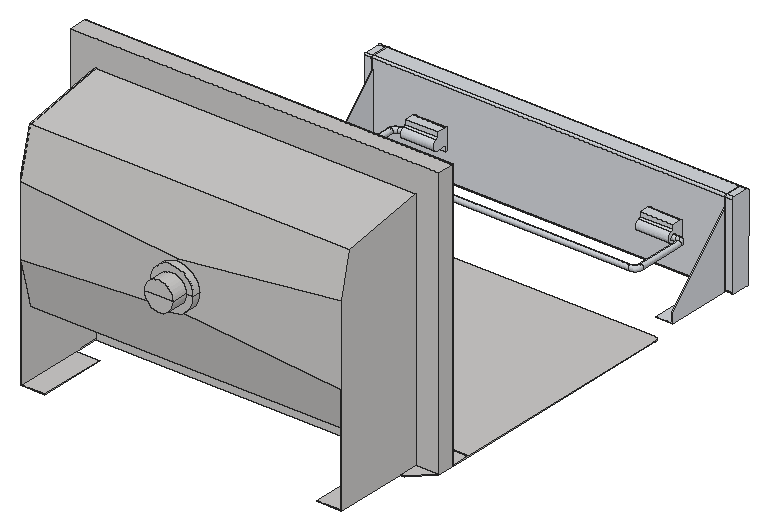
Revit family "PRD_AR_WshTrghs_PlanoxWashTrough_PL6,8,12,16,18,24,30-T-TCS", category Plumbing Fixtures, host Face, Revit 2018
Family settings
  Host = Face
  Round Connector Dimension = Use Diameter
  Part Type = Normal
  OmniClass Number = 23.45.05.14.14
  OmniClass Title = Sinks/Lavatories
  Cut with Voids When Loaded = No
  Shared = No
  Room Calculation Point = No
Parameters (values of type "PL6TCS")
  WaterSupplyOverflowAndWasteHolesWaterSupply = "No tapholes"
  WaterSupplyOverflowAndWasteHolesWaste = "Center-Center"
  WaterSupplyOverflowAndWasteHolesOverflow = "None"
  WasteValveMaterial = PRD_AR_ChromiumSteel_HighPolished
  WasteSize = 40 mm
  WashbasinMaterial = PRD_AR_ChromiumSteel_HighPolished
  WashHandBasinType = "WashingTrough"
  WashHandBasinMounting = "WallHung"
  WarrantyStartDate [instance] = "1900-12-31T23:59:59"
  WarrantyGuarantorParts = "n/a"
  WarrantyGuarantorLabor = "n/a"
  WarrantyDurationUnit = "year"
  WarrantyDurationParts = "n/a"
  WarrantyDurationLabor = "n/a"
  WarrantyDescription = "n/a"
  Version = "1"
  Uniclass2015Version = "Products v1.10"
  Uniclass2015Title = "Wash troughs"
  Uniclass2015Code = "Pr_40_20_96_99"
  URL = "www.kwc.com"
  TypeSplashback = PLSB,PLSBCS : PL6SBCS
  Type = PLT,PLCS : PLT,PLCS
  TowelRailTB60 [instance] = yes
  TagNumber [instance] = "n/a"
  SustainabilityPerformance = "n/a"
  Stations = "3"
  SplashbackPlanox [instance] = yes
  Size = "600 x 442 x 210 mm"
  ShelfOffset [instance] = 600 mm
  ShelfBXSV6 [instance] = yes
  Shape = "Rectangular"
  SerialNumber [instance] = "n/a"
  Revision = "n/a"
  ReplacementCost = "n/a"
  ProductInformation = "https://pim.kwc.com/product/2030043791/attachment/datasheet?locale=en"
  PLSU = no
  OverallLength = 600 mm
  NominalWidth = 600 mm
  NominalLength = 210 mm
  NominalHeight = 210 mm
  NominalDepth = 442 mm
  NetWeight = 5.74 kg
  Name = "PLANOX wash trough PL6TCS"
  NBSTypeID = "n/a"
  NBSReference = "45-35-70/370"
  NBSOfficeMasterTag = "n/a"
  NBSNote = "n/a"
  NBSDescription = "Wash troughs"
  NBSCertification = "n/a"
  ModelReference = "PL6TCS"
  ModelNumber = "2030043791"
  Model = ModelReference  # "PL6TCS"
  MaterialsFinishAndColour = "Chromium steel, high polished"
  MaterialsBody = "Chromium steel 1.4016"
  Material = "Stainless steel"
  ManufacturerURL = "www.kwc.com"
  ManufacturerName = "KWC Group AG"  # constant formula
  Manufacturer = ManufacturerName  # "KWC Group AG"
  IntegralAccessories = "Side panels with integrated brackets, incl. stainless steel screws and dowels"
  InstallationDate [instance] = "1900-12-31T23:59:59"
  IfcExportType = "WASHHANDBASIN"
  IfcExportAs = "IfcSanitaryTerminalType"
  GrossWeight = 7.58 kg
  Grade = "n/a"
  Form = "Wall mounted"
  Finish = "High polished"
  Features = "chromium steel, 0.80 mm, high polished, wall mounting, 600x210x442 mm (WxHxD)"
  ExpectedLife = "n/a"
  DurationUnit = "year"
  DrainSize = "G-1-1-2-B"
  Description = "Washing trough PLANOX seamless welded wash trough for wall mounting, chromium steel, satin finished surface, material thickness of wash trough 0.8 mm / side panels 1.2 mm, side panels with integrated wall brackets, lowered tap ledge 80 mm, without tap holes or overflow, 40 mm rear upstand, drainage central, G 1 1/2 B strainer waste, includes mounting materials. For a length of 1800 mm or more, an additional bracket is supplied. Special lengths are available on request."
  Default Elevation = 850 mm
  CreateOn = "11/2018"  # constant formula
  Constituents = "n/a"
  Color = "Stainless steel"
  CodePerformance = "n/a"
  Category = "Pr_40_20_96_99, Wash troughs"
  BarCode [instance] = "n/a"
  BIMObjectName = "PRD_AR_WashTrough_PlanoxWashTrough_PL6TCS"
  Author = "Archispace"  # constant formula
  AssetType = "Fixed"
  AssetIdentifier [instance] = "n/a"
  AccessibilityPerformance = "n/a"
Reference planes
  plane 1 "Center (Front/Back)": y = 0
  plane 2: z = 0
  plane 3 "Center (Left/Right)": x = 0
Dimensions and locks
  "ShelfOffset": plane 1 "Center (Front/Back)" to nested 2
  locked: nested 3 to nested 2 at 32
  aligned and locked: plane 2 to host face
  aligned and locked: level to host face
  aligned and locked: plane 3 "Center (Left/Right)" to nested 4
Automatic sketch dimensions
  host sketch curve to host sketch curve = 2438.4 mm  (x2)
Nested families
  nested 1: "PLT,PLCS" at (0, 0, 60) x (1, 0, 0) z (0, 1, 0), type <- "Type", OverallLength <- "OverallLength", type "PLT,PLCS"
    with OverallLength 600 mm
  nested 2: "BXSV6" at (0, 600, 0), visible <- "ShelfBXSV6", type "BXSV6, Width=600"
    with WarrantyStartDate "1900-12-31T23:59:59", TagNumber "n/a", SerialNumber "n/a", InstallationDate "1900-12-31T23:59:59", BarCode "n/a", AssetIdentifier "n/a"
  nested 3: "PRD_AR_TowelRails_SaturnTowelRailForWashingTroughs_TB60" at (0, 568, 64.353) x (1, 0, 0) z (0, 1, 0), visible <- "TowelRailTB60", type "TB60 - L=478"
    with WarrantyStartDate "1900-12-31T23:59:59", TagNumber "n/a", SerialNumber "n/a", InstallationDate "1900-12-31T23:59:59", BarCode "n/a", AssetIdentifier "n/a"
  nested 4: "PLSB,PLSBCS" at (0, 30, 0), type <- "TypeSplashback", visible <- "SplashbackPlanox", type "PL6SBCS"
    with WarrantyStartDate "1900-12-31T23:59:59", TagNumber "n/a", SerialNumber "n/a", InstallationDate "1900-12-31T23:59:59", BarCode "n/a", AssetIdentifier "n/a"
  nested 5: "PRD_AR_WashBasinSupportBrackets__SupportBracketPL18SU" at (0, 0, 0), visible <- "PLSU", type "PL18SU"
    with WarrantyStartDate "1900-12-31T23:59:59", TagNumber "n/a", SerialNumber "n/a", InstallationDate "1900-12-31T23:59:59", BarCode "n/a", AssetIdentifier "n/a"
Connectors
  piping at (0, -225.35, 240.75), diameter 40, driven by "WasteSize"
    settings: on nested 1, index 1, connector inside diameter 609.6 mm, connector length 0 mm, flow factor 0, pipe flow 0.0 L/s, pressure drop 0.0 Pa, fitting loss kfactor 0, connector angle 0.00°, fixture units 0, engagement length 0 mm, angle of deflection 0.00°, flow configuration 2, flow direction 2, fitting loss method 0, system type 7, joint type 0, gender type 0, connector reference index -1, connector utility 0, adjustable connector no, is connector primary yes, connector description ""
Definition of nested family "PLT,PLCS"
  Parameters (values of type "PLT,PLCS")
    WasteMaterial = none
    OverallLength [instance] = 1000 mm
    Material = none
    Default Elevation = 0 mm
  Reference planes
    plane 1 "Center (Front/Back)": y = 0
    plane 2: z = 0
    plane 3 "Center (Left/Right)": x = 0
    plane 4: y = -173
    plane 5: x = -500
    plane 6: x = 500
    plane 7: x = 460
    plane 8: x = -460
    plane 9: y = 60
  Forms (mm)
    Extrusion 1, solid, material <- "Material", detail levels fine
      sketch origin (0, 59.975, 0) x (0, 1, 0) y (0, 0, 1)
        loop
          line (-0.8, 0) -> (0, 0) -> (0, 30)
          arc (0, 30) -> (-0.567, 29.749) -> (-0.8, 29.175) r 0.825
          line (-0.8, 29.175) -> (-0.8, 0)
      from -500 to 500
    Extrusion 2, solid, material <- "Material", detail levels fine
      sketch origin (0, 0, 0) x (0, 1, 0) y (0, 0, 1)
        loop
          line (-336.222, -30) -> (-312.784, -162.922) -> (-218.85, -188.092) -> (-142.65, -188.092) -> (-48.722, -162.923) -> (-23.688, -30) -> (-336.222, -30)
      from -460 to 460
    Extrusion 3, solid, material <- "Material", detail levels fine
      sketch origin (0, 0, 0) x (0, 1, 0) y (0, 0, 1)
        loop
          line (-380.75, 0) -> (-380.75, -30) -> (59.975, -30) -> (59.975, 0) -> (-380.75, 0)
      from -500 to 500
    Extrusion 4, void
      sketch origin (0, -173, 145.481) x (0, 0, 1) y (-1, 0, 0)
        loop
          line (-333.573, -0.021) -> (-328.415, 460) -> (-333.573, 460) -> (-333.573, -0.021)
      from -173 to 207.75
    Extrusion 5, void
      sketch origin (0, -173, 145.481) x (0, 0, 1) y (-1, 0, 0)
        loop
          line (-326.231, -460) -> (-333.573, -0.021) -> (-333.573, -460) -> (-326.231, -460)
      from -173 to 207.75
    Extrusion 6, void
      sketch origin (0, 0, 0) x (0, 1, 0) y (0, 0, 1)
        loop
          line (-335.46, -30) -> (-24.451, -30) -> (-21.212, -12.801)
          arc (-21.212, -12.801) -> (-20.621, -11.787) -> (-19.523, -11.375) r 1.75
          line (-19.523, -11.375) -> (58.267, -10.017)
          arc (58.267, -10.017) -> (58.963, -9.718) -> (59.25, -9.017) r 1
          line (59.25, -9.017) -> (59.25, 0) -> (-340.75, 0) -> (-335.46, -30)
      from -460 to 460
    SweptBlend 7, void
      path origin (0, -173, 145.481) x (0, 0, 1) y (-1, 0, 0)
        loop
          line (-145.481, 460) -> (-145.481, 0)
      profile origin (-460, -173, 0) x (0, 0, 1) y (0, -1, 0)
        loop
          line (-30, 162.46) -> (-162.321, 139.128) -> (-180, 73.15) -> (-180, -57.65) -> (-162.321, -123.628) -> (-30, -148.549) -> (-30, 162.46)
      end profile origin (0, -173, 0) x (0, 0, 1) y (0, -1, 0)
        loop
          line (-187.342, 45.75) -> (-187.342, -30.25) -> (-162.321, -123.628) -> (-30, -148.549) -> (-30, 162.46) -> (-162.321, 139.128) -> (-187.342, 45.75)
    SweptBlend 8, void
      path origin (0, -173, 145.481) x (0, 0, 1) y (-1, 0, 0)
        loop
          line (-145.481, -460) -> (-145.481, 0)
      profile origin (460, -173, 0) x (0, 0, -1) y (0, -1, 0)
        loop
          line (30, 162.46) -> (30, -148.549) -> (162.321, -123.628) -> (180, -57.65) -> (180, 73.15) -> (162.321, 139.128) -> (30, 162.46)
      end profile origin (0, -173, 0) x (0, 0, -1) y (0, -1, 0)
        loop
          line (187.342, 45.75) -> (162.321, 139.128) -> (30, 162.46) -> (30, -148.549) -> (162.321, -123.628) -> (187.342, -30.25) -> (187.342, 45.75)
    Extrusion 9, solid, material <- "Material", detail levels fine
      sketch origin (0, -173, 145.481) x (0, 0, 1) y (-1, 0, 0)
        loop
          line (-206.871, -468.61) -> (-175.481, -500) -> (-175.481, -460) -> (-206.871, -460) -> (-206.871, -468.61)
        loop
          line (-206.871, 468.61) -> (-206.871, 460) -> (-175.481, 460) -> (-175.481, 500) -> (-206.871, 468.61)
      from -233 to -232.15
    Extrusion 10, solid, material <- "Material", detail levels fine
      sketch origin (0, 0, 0) x (0, 1, 0) y (0, 0, 1)
        loop
          line (60, -180.75) -> (60, -30) -> (-336.222, -30) -> (-312.784, -162.922) -> (-246.249, -180.75) -> (60, -180.75)
      from 460 to 461.75
    Extrusion 11, solid, material <- "Material", detail levels fine
      sketch origin (0, 0, 0) x (0, 1, 0) y (0, 0, -1)
        loop
          line (59.975, 180.75) -> (-246.249, 180.75) -> (-312.784, 162.922) -> (-336.222, 30) -> (59.975, 30) -> (59.975, 180.75)
      from 460 to 461.25
    Sweep 12, void
      path origin (0, 0, 0) x (1, 0, 0) y (0, 1, 0)
        loop
          line (-500, 59.175) -> (-500, -380.75) -> (500, -380.75) -> (500, 59.175)
      profile origin (-500, -160.788, 0) x (1, 0, 0) y (0, 0, 1)
        loop
          arc (0, -2.25) -> (0.659, -0.659) -> (2.25, 0) r 2.25
          line (2.25, 0) -> (0, 0) -> (0, -2.25)
    Extrusion 13, solid, material <- "Material", detail levels fine
      sketch origin (0, 0, 0) x (1, 0, 0) y (0, 0, 1)
        loop
          line (461.25, -69.5) -> (421.25, -69.5) -> (421.25, -180.75) -> (461.25, -180.75) -> (461.25, -69.5)
        loop
          line (-461.25, -69.5) -> (-461.25, -180.75) -> (-421.25, -180.75) -> (-421.25, -69.5) -> (-461.25, -69.5)
      from -60 to -59.15
    Revolve 14, solid, material <- "WasteMaterial", detail levels fine
      sketch origin (0, -180.75, 0) x (1, 0, 0) y (0, 0, 1)
        loop
          line (0, -225.35) -> (0, -186.353) -> (-35, -186.353) -> (-35, -199.35) -> (-23.5, -199.35) -> (-23.5, -225.35) -> (0, -225.35)
        axis (0, -186.353) -> (0, -225.35)
      angle from 0 to 360
    Extrusion 15, void
      sketch origin (0, 0, 0) x (1, 0, 0) y (0, 1, 0)
        loop
          circle (0, -180.75) r 35
      from -225.35 to 30
    Sweep 16, void
      path origin (0, 0, 0) x (1, 0, 0) y (0, 1, 0)
        loop
          line (-460, 59.25) -> (-460, -340.353) -> (460, -340.353) -> (460, 59.175)
      profile origin (-460, -140.552, 0) x (1, 0, 0) y (0, 0, 1)
        loop
          line (1, 0) -> (-2.25, 0)
          arc (-2.25, 0) -> (-0.874, -0.874) -> (0, -2.25) r 3.736
          line (0, -2.25) -> (1, -2.25) -> (1, 0)
    Extrusion 17, solid, material <- "Material", detail levels medium
      sketch origin (0, 0, 0) x (0, 1, 0) y (0, 0, 1)
        loop
          line (-380.75, 0) -> (-380.75, -30) -> (60, -30) -> (60, 0) -> (-380.75, 0)
      from -500 to 500
    Extrusion 18, solid, material <- "Material", detail levels medium
      sketch origin (0, 0, 0) x (0, 1, 0) y (0, 0, 1)
        loop
          line (-336.222, -30) -> (-308.346, -188.092) -> (60, -188.092) -> (60, -30) -> (-336.222, -30)
      from -460 to 460
    Extrusion 19, solid, material <- "Material", detail levels coarse
      sketch origin (0, 0, 0) x (0, 1, 0) y (0, 0, 1)
        loop
          line (60, 0) -> (-380.75, 0) -> (-380.75, -188.092) -> (60, -188.092) -> (60, 0)
      from -500 to 500
    Revolve 20, void
      sketch origin (0, -180.75, 145.481) x (0, 0, 1) y (-1, 0, 0)
        loop
          line (-331.835, 0) -> (-344.831, 0) -> (-344.831, -21.5) -> (-334.835, -21.5)
          arc (-334.835, -21.5) -> (-332.714, -22.379) -> (-331.835, -24.5) r 3
          line (-331.835, -24.5) -> (-331.835, 0)
        axis (-331.835, 0) -> (-344.831, 0)
      angle from 0 to 360
  Cuts and joins
    joined: Extrusion 17, Extrusion 18
    Revolve 20 cuts Revolve 14
    Sweep 12 cuts Extrusion 1
    Extrusion 4, Extrusion 5, Extrusion 6, SweptBlend 7, SweptBlend 8, Extrusion 15 cuts Extrusion 2
    Extrusion 6, SweptBlend 7, SweptBlend 8, Sweep 12, Sweep 16 cuts Extrusion 3
    Sweep 16 cuts Extrusion 10
    Extrusion 4, Sweep 16 cuts Extrusion 11
    joined: Extrusion 1, Extrusion 2, Extrusion 3, Extrusion 10, Extrusion 11
  Dimensions and locks
    equal spacing: plane 5, plane 3 "Center (Left/Right)", plane 6
    "OverallLength": plane 5 to plane 6
    locked: Extrusion 13 sketch curve to plane 6 at 38.75
    locked: Extrusion 13 sketch curve to plane 5 at 78.75
    locked: Extrusion 13 sketch curve to plane 5 at 38.75
    locked: plane 5 to plane 8 at 40
    locked: plane 7 to plane 6 at 40
    locked: Extrusion 11 to Extrusion 11 at 1.25
    locked: Extrusion 10 to Extrusion 10 at 1.75
    plane 1 "Center (Front/Back)" to plane 9 = 60 mm
    aligned and locked: level to plane 2
    aligned and locked: Sweep 12 sketch curve to plane 5
    aligned and locked: Sweep 12 sketch curve to plane 6
    aligned and locked: Extrusion 1 to Extrusion 3
    aligned and locked: Extrusion 3 to Extrusion 1
    aligned and locked: plane 8 to SweptBlend 7 sketch curve
    aligned and locked: plane 7 to SweptBlend 8 sketch curve
    aligned and locked: Extrusion 19 to plane 5
    aligned and locked: Extrusion 19 to plane 6
    aligned and locked: cut or joined group of Extrusion 17, Extrusion 18 to plane 5
    aligned and locked: cut or joined group of Extrusion 17, Extrusion 18 to plane 6
    aligned and locked: plane 8 to cut or joined group of Extrusion 17, Extrusion 18
    aligned and locked: Extrusion 4 to Extrusion 2
    aligned and locked: Extrusion 11 to plane 8
    aligned and locked: plane 7 to Extrusion 10
    aligned and locked: plane 7 to Sweep 16 sketch curve
    aligned and locked: Extrusion 6 to plane 7
    aligned and locked: cut or joined group of Extrusion 17, Extrusion 18 to plane 7
    aligned and locked: Extrusion 3 to plane 6
    aligned and locked: plane 8 to cut or joined group of Extrusion 1, Extrusion 2, Extrusion 3, Extrusion 4, Extrusion 5, Extrusion 6, SweptBlend 7, SweptBlend 8, Extrusion 10, Extrusion 11, Sweep 12, Extrusion 15, Sweep 16  (x2)
    aligned and locked: cut or joined group of Extrusion 1, Extrusion 2, Extrusion 3, Extrusion 4, Extrusion 5, Extrusion 6, SweptBlend 7, SweptBlend 8, Extrusion 10, Extrusion 11, Sweep 12, Extrusion 15, Sweep 16 to plane 7
    aligned and locked: cut or joined group of Extrusion 1, Extrusion 2, Extrusion 3, Extrusion 4, Extrusion 5, Extrusion 6, SweptBlend 7, SweptBlend 8, Extrusion 10, Extrusion 11, Sweep 12, Extrusion 15, Sweep 16 to plane 5
  Automatic sketch dimensions
    Extrusion 2 sketch curve to level = 30 mm
    plane 4 to Extrusion 2 sketch curve = 163.222 mm
    Extrusion 2 sketch curve to Extrusion 2 sketch curve = 23.438 mm
    plane 4 to Extrusion 2 sketch curve = 45.85 mm
    Extrusion 2 sketch curve to plane 4 = 30.35 mm
    plane 1 "Center (Front/Back)" to Extrusion 2 sketch curve = 48.722 mm
    plane 1 "Center (Front/Back)" to Extrusion 2 sketch curve = 23.688 mm
    Extrusion 2 sketch curve to Extrusion 2 sketch curve = 132.922 mm
    Extrusion 2 sketch curve to Extrusion 2 sketch curve = 132.923 mm
    Extrusion 2 sketch curve to Extrusion 2 sketch curve = 25.17 mm
    Extrusion 3 sketch curve to level = 0 mm
    Extrusion 3 sketch curve to plane 1 "Center (Front/Back)" = 59.975 mm
    plane 4 to Extrusion 3 sketch curve = 207.75 mm
    Extrusion 3 sketch curve to level = 30 mm
    plane 3 "Center (Left/Right)" to Extrusion 4 sketch curve = 0.021 mm
    Extrusion 4 sketch curve to level = 188.092 mm
    Extrusion 4 sketch curve to Extrusion 4 sketch curve = 5.158 mm
    plane 5 to Extrusion 4 sketch curve = 40 mm
    plane 3 "Center (Left/Right)" to Extrusion 5 sketch curve = 0.021 mm
    Extrusion 5 sketch curve to level = 188.092 mm
    Extrusion 5 sketch curve to Extrusion 5 sketch curve = 7.342 mm
    plane 6 to Extrusion 5 sketch curve = 40 mm
    Extrusion 6 sketch curve to level = 0 mm
    plane 4 to Extrusion 6 sketch curve = 167.75 mm
    Extrusion 6 sketch curve to Extrusion 6 sketch curve = 5.29 mm
    plane 1 "Center (Front/Back)" to Extrusion 6 sketch curve = 24.451 mm
    Extrusion 6 sketch curve to Extrusion 6 sketch curve = 3.239 mm
    Extrusion 6 sketch curve to level = 11.375 mm
    Extrusion 6 sketch curve to Extrusion 6 sketch curve = 1.689 mm
    Extrusion 6 sketch curve to Extrusion 6 sketch curve = 1.72 mm
    Extrusion 6 sketch curve to plane 1 "Center (Front/Back)" = 58.25 mm
    Extrusion 6 sketch curve to Extrusion 6 sketch curve = 0.017 mm
    Extrusion 6 sketch curve to plane 1 "Center (Front/Back)" = 59.25 mm
    Extrusion 6 sketch curve to Extrusion 6 sketch curve = 1.426 mm
    Extrusion 6 sketch curve to level = 30 mm
    Extrusion 6 sketch curve to level = 10.017 mm
    SweptBlend 7 sketch curve to plane 4 = 57.65 mm
    profile plane to SweptBlend 7 sketch curve = 180 mm
    SweptBlend 7 sketch curve to SweptBlend 7 sketch curve = 17.679 mm  (x2)
    profile plane to SweptBlend 7 sketch curve = 30 mm  (x2)
    SweptBlend 7 sketch curve to SweptBlend 7 sketch curve = 65.978 mm  (x2)
    SweptBlend 7 sketch curve to SweptBlend 7 sketch curve = 24.921 mm  (x2)
    plane 4 to SweptBlend 7 sketch curve = 73.15 mm
    SweptBlend 7 sketch curve to SweptBlend 7 sketch curve = 23.332 mm  (x2)
    SweptBlend 7 sketch curve to plane 4 = 30.25 mm
    profile plane to SweptBlend 7 sketch curve = 187.342 mm
    SweptBlend 7 sketch curve to SweptBlend 7 sketch curve = 25.021 mm  (x2)
    SweptBlend 7 sketch curve to SweptBlend 7 sketch curve = 93.378 mm  (x2)
    plane 4 to SweptBlend 7 sketch curve = 45.75 mm
    SweptBlend 8 sketch curve to profile plane = 30 mm  (x2)
    SweptBlend 8 sketch curve to SweptBlend 8 sketch curve = 132.321 mm  (x4)
    SweptBlend 8 sketch curve to plane 4 = 57.65 mm
    SweptBlend 8 sketch curve to SweptBlend 8 sketch curve = 17.679 mm
    SweptBlend 8 sketch curve to SweptBlend 8 sketch curve = 65.978 mm  (x2)
    SweptBlend 8 sketch curve to SweptBlend 8 sketch curve = 24.921 mm  (x2)
    plane 4 to SweptBlend 8 sketch curve = 73.15 mm
    SweptBlend 8 sketch curve to SweptBlend 8 sketch curve = 23.332 mm  (x2)
    plane 4 to SweptBlend 8 sketch curve = 45.75 mm
    SweptBlend 8 sketch curve to SweptBlend 8 sketch curve = 25.021 mm
    SweptBlend 8 sketch curve to plane 4 = 30.25 mm
    SweptBlend 8 sketch curve to SweptBlend 8 sketch curve = 93.378 mm  (x2)
    Extrusion 10 sketch curve to level = 30 mm
    Extrusion 10 sketch curve to plane 1 "Center (Front/Back)" = 60 mm
    plane 4 to Extrusion 10 sketch curve = 73.249 mm
    Extrusion 10 sketch curve to Extrusion 10 sketch curve = 66.535 mm
    Extrusion 10 sketch curve to Extrusion 10 sketch curve = 23.438 mm
    Extrusion 10 sketch curve to level = 162.922 mm
    Extrusion 10 sketch curve to level = 180.75 mm
    Extrusion 11 sketch curve to level = 30 mm
    Extrusion 11 sketch curve to plane 1 "Center (Front/Back)" = 59.975 mm
    plane 4 to Extrusion 11 sketch curve = 73.249 mm
    Extrusion 11 sketch curve to Extrusion 11 sketch curve = 66.535 mm
    Extrusion 11 sketch curve to Extrusion 11 sketch curve = 23.438 mm
    Extrusion 11 sketch curve to level = 162.922 mm
    Extrusion 11 sketch curve to Extrusion 11 sketch curve = 17.828 mm
    profile plane to Sweep 12 sketch curve = 0 mm  (x2)
    Sweep 12 sketch curve to level = 0 mm  (x2)
    Sweep 12 sketch curve to level = 2.25 mm
    Sweep 12 sketch curve to Sweep 12 sketch curve = 0 mm  (x2)
    Revolve 14 sketch curve to plane 3 "Center (Left/Right)" = 0 mm  (x2)
    Revolve 14 sketch curve to plane 3 "Center (Left/Right)" = 23.5 mm
    Revolve 14 sketch curve to Revolve 14 sketch curve = 11.5 mm
    Revolve 14 sketch curve to level = 225.35 mm
    Revolve 14 sketch curve to Revolve 14 sketch curve = 26 mm
    Revolve 14 sketch curve to Revolve 14 sketch curve = 12.997 mm
    Revolve 14 sketch curve to Revolve 14 sketch curve = 0 mm
    Revolve 14 sketch curve to Revolve 14 sketch curve = 1.121 mm
    Extrusion 15 sketch curve to plane 3 "Center (Left/Right)" = 0 mm
    plane 4 to Extrusion 15 sketch curve = 7.75 mm
    Sweep 16 sketch curve to level = 0 mm
    profile plane to Sweep 16 sketch curve = 0 mm
    profile plane to Sweep 16 sketch curve = 2.25 mm
    profile plane to Sweep 16 sketch curve = 3.516 mm
    Sweep 16 sketch curve to profile plane = 1 mm
    Sweep 16 sketch curve to level = 2.25 mm
    Extrusion 17 sketch curve to level = 0 mm
    Extrusion 17 sketch curve to plane 1 "Center (Front/Back)" = 60 mm
    plane 4 to Extrusion 17 sketch curve = 207.75 mm
    Extrusion 17 sketch curve to level = 30 mm
    Extrusion 18 sketch curve to plane 1 "Center (Front/Back)" = 60 mm
    plane 4 to Extrusion 18 sketch curve = 135.346 mm
    Extrusion 18 sketch curve to level = 30 mm
    Extrusion 18 sketch curve to Extrusion 18 sketch curve = 27.876 mm
    Extrusion 18 sketch curve to Extrusion 18 sketch curve = 158.092 mm
    Revolve 20 sketch curve to plane 3 "Center (Left/Right)" = 0 mm  (x2)
    Revolve 20 sketch curve to level = 199.35 mm
    Revolve 20 sketch curve to Revolve 20 sketch curve = 9.997 mm
    Revolve 20 sketch curve to Revolve 20 sketch curve = 12.997 mm
    plane 3 "Center (Left/Right)" to Revolve 20 sketch curve = 21.5 mm
    Revolve 20 sketch curve to Revolve 20 sketch curve = 3 mm
    Revolve 20 sketch curve to Revolve 20 sketch curve = 1.597 mm
    Revolve 20 sketch curve to Revolve 20 sketch curve = 2.65 mm
    Revolve 20 sketch curve to Revolve 20 sketch curve = 0 mm
    Extrusion 13 sketch curve to Extrusion 13 sketch curve = 40 mm
    Extrusion 13 sketch curve to level = 180.75 mm  (x2)
    Extrusion 13 sketch curve to level = 69.5 mm  (x2)
    Extrusion 9 sketch curve to plane 5 = 0 mm
    plane 6 to Extrusion 9 sketch curve = 0 mm
    Extrusion 9 sketch curve to level = 61.39 mm  (x2)
    Extrusion 9 sketch curve to level = 30 mm  (x2)
    plane 6 to Extrusion 9 sketch curve = 31.39 mm
    Extrusion 9 sketch curve to Extrusion 9 sketch curve = 8.61 mm  (x2)
    plane 5 to Extrusion 9 sketch curve = 40 mm
    SweptBlend 7 sketch curve to level = 0 mm
    SweptBlend 7 sketch curve to plane 3 "Center (Left/Right)" = 0 mm
    SweptBlend 8 sketch curve to level = 0 mm
    SweptBlend 8 sketch curve to plane 3 "Center (Left/Right)" = 0 mm
    Extrusion 19 sketch curve to level = 0 mm
    Extrusion 19 sketch curve to plane 9 = 0 mm
    plane 4 to Extrusion 19 sketch curve = 207.75 mm
    Extrusion 19 sketch curve to level = 188.092 mm
    plane 4 to Sweep 12 sketch curve = 207.75 mm
    Sweep 12 sketch curve to plane 9 = 0.825 mm  (x2)
    Sweep 16 sketch curve to plane 8 = 0 mm
    plane 4 to Sweep 16 sketch curve = 167.353 mm
    Sweep 16 sketch curve to plane 9 = 0.825 mm
    Sweep 16 sketch curve to plane 9 = 0.75 mm
    Extrusion 1 sketch curve to level = 0 mm
    Extrusion 1 sketch curve to plane 9 = 0 mm
    Extrusion 1 sketch curve to plane 9 = 0.025 mm
    Extrusion 1 sketch curve to Extrusion 1 sketch curve = 0.8 mm
    level to Extrusion 1 sketch curve = 29.175 mm
    radius of Extrusion 15 sketch curve = 35 mm
Definition of nested family "BXSV6"
  Parameters (values of type "BXSV6, Width=600")
    WarrantyStartDate [instance] = "1900-12-31T23:59:59"
    WarrantyGuarantorParts = "n/a"
    WarrantyGuarantorLabor = "n/a"
    WarrantyDurationUnit = "year"
    WarrantyDurationParts = "n/a"
    WarrantyDurationLabor = "n/a"
    WarrantyDescription = "n/a"
    Version = "1"
    Uniclass2015Version = "Products v1.5"
    Uniclass2015Title = "Bathroom shelves"
    Uniclass2015Code = "Pr_40_30_78_06"
    URL = "www.kwc.com"
    TagNumber [instance] = "n/a"
    SustainabilityPerformance = "n/a"
    Style = "Shelf"
    Size = "600 x 138 x 142 mm"
    ShelfMaterial = none
    Shape = "Rectangular"
    SerialNumber [instance] = "n/a"
    Revision = "n/a"
    ReplacementCost = "n/a"
    ProductInformation = "https://pim.kwc.com/product/2000056952/attachment/datasheet?locale=en"
    NominalWidth = 600 mm
    NominalLength = 0 mm
    NominalHeight = 138 mm
    NominalDepth = 142 mm
    NetWeight = 1.70 kg
    Name = "SATURN shelf BXSV6"
    NBSTypeID = "n/a"
    NBSReference = "45-35-72/354"
    NBSOfficeMasterTag = "n/a"
    NBSNote = "n/a"
    NBSDescription = "Shelves"
    NBSCertification = "n/a"
    ModelReference = "BXSV6"
    ModelNumber = "2000056952"
    Model = ModelReference  # "BXSV6"
    Material = "Stainless steel"
    ManufacturerURL = "www.kwc.com"
    ManufacturerName = "KWC Group AG"  # constant formula
    Manufacturer = ManufacturerName  # "KWC Group AG"
    MainColor = "stainless steel"
    IntegralAccessories = "Brackets welded into shelf"
    InstallationDate [instance] = "1900-12-31T23:59:59"
    IfcExportType = "NOTDEFINED"
    IfcExportAs = "IfcFurnitureType"
    GrossWeight = 2.20 kg
    Grade = "n/a"
    Form = "Wall mounted"
    FinishAndColour = "Stainless steel, satin finished"
    Finish = "Satin finished"
    Features = "stainless steel, 1.00 mm, satin finished, wall mounting, 600x138x142 mm (WxHxD)"
    ExpectedLife = "n/a"
    DurationUnit = "year"
    Description = "Shelf for wall mounting, stainless steel, surface satin finished, material thickness 1 mm, brackets welded into shelf, side ends with grey plastic cover, for lengths over 1800 mm an additional bracket is scope of delivery. width: 600 mm"
    Default Elevation = 1100 mm
    Constituents = "n/a"
    Color = "Stainless steel"
    CodePerformance = "n/a"
    Category = "Pr_40_30_78_06, Bathroom shelves"
    BarCode [instance] = "n/a"
    BIMObjectName = "PRD_AR_Shelves_SaturnShelf_BXSV6"
    Author = "Archispace"  # constant formula
    AssetType = "Fixed"
    AssetIdentifier [instance] = "n/a"
    AccessibilityPerformance = "n/a"
  Reference planes
    plane 1 "Center (Front/Back)": y = 0
    plane 2: z = 0
    plane 3 "Center (Left/Right)": x = 0
    plane 4: x = -300
    plane 5: x = 300
    plane 6: x = -288
    plane 7: x = 288
  Forms (mm)
    Extrusion 1, solid
      sketch origin (0, 0, 0) x (1, 0, 0) y (0, 1, 0)
        loop
          line (-1219.2, 1219.2) -> (-1219.2, -1219.2) -> (1219.2, -1219.2) -> (1219.2, 1219.2) -> (-1219.2, 1219.2)
      from 0 to -304.8
    Extrusion 2, solid, material <- "ShelfMaterial", detail levels fine
      sketch origin (0, 0, 0) x (0, 1, 0) y (0, 0, 1)
        loop
          arc (-32, 2.65) -> (-31.224, 0.776) -> (-29.35, 0) r 2.65
          line (-29.35, 0) -> (-2.65, 0)
          arc (-2.65, 0) -> (-0.776, 0.776) -> (0, 2.65) r 2.65
          line (0, 2.65) -> (0, 13.902)
          arc (0, 13.902) -> (-0.202, 14.916) -> (-0.776, 15.776) r 2.65
          line (-0.776, 15.776) -> (-7.487, 22.487)
          arc (-7.487, 22.487) -> (-7.867, 23.055) -> (-8, 23.725) r 1.75
          line (-8, 23.725) -> (-8, 118.275)
          arc (-8, 118.275) -> (-7.867, 118.945) -> (-7.487, 119.513) r 1.75
          line (-7.487, 119.513) -> (-0.776, 126.224)
          arc (-0.776, 126.224) -> (-0.202, 127.084) -> (0, 128.098) r 2.65
          line (0, 128.098) -> (0, 139.35)
          arc (0, 139.35) -> (-0.776, 141.224) -> (-2.65, 142) r 2.65
          line (-2.65, 142) -> (-29.35, 142)
          arc (-29.35, 142) -> (-31.224, 141.224) -> (-32, 139.35) r 2.65
          line (-32, 139.35) -> (-32, 2.65)
      from -288 to 288
    Extrusion 3, solid, material <- "ShelfMaterial", detail levels fine
      sketch origin (-300, 544.268, 1219.2) x (0, 1, 0) y (0, 0, 1)
        loop
          arc (-573.618, -1077.2) -> (-575.492, -1077.976) -> (-576.268, -1079.85) r 2.65
          line (-576.268, -1079.85) -> (-576.268, -1216.55)
          arc (-576.268, -1216.55) -> (-575.492, -1218.424) -> (-573.618, -1219.2) r 2.65
          line (-573.618, -1219.2) -> (-546.918, -1219.2)
          arc (-546.918, -1219.2) -> (-545.044, -1218.424) -> (-544.268, -1216.55) r 2.65
          line (-544.268, -1216.55) -> (-544.268, -1079.85)
          arc (-544.268, -1079.85) -> (-545.044, -1077.976) -> (-546.918, -1077.2) r 2.65
          line (-546.918, -1077.2) -> (-573.618, -1077.2)
      from 0 to 12
    Extrusion 4, solid, material <- "ShelfMaterial", detail levels fine
      sketch origin (300, 544.268, 1219.2) x (0, 1, 0) y (0, 0, -1)
        loop
          line (-544.268, 1079.85) -> (-544.268, 1216.55)
          arc (-544.268, 1216.55) -> (-545.044, 1218.424) -> (-546.918, 1219.2) r 2.65
          line (-546.918, 1219.2) -> (-573.618, 1219.2)
          arc (-573.618, 1219.2) -> (-575.492, 1218.424) -> (-576.268, 1216.55) r 2.65
          line (-576.268, 1216.55) -> (-576.268, 1079.85)
          arc (-576.268, 1079.85) -> (-575.492, 1077.976) -> (-573.618, 1077.2) r 2.65
          line (-573.618, 1077.2) -> (-546.918, 1077.2)
          arc (-546.918, 1077.2) -> (-545.044, 1077.976) -> (-544.268, 1079.85) r 2.65
      from 0 to 12
    Extrusion 5, solid, material <- "ShelfMaterial", detail levels medium+fine
      sketch origin (-288, 544.268, 1219.2) x (0, 1, 0) y (0, 0, 1)
        loop
          line (-576.268, -1219.2) -> (-576.268, -1097.2) -> (-682.268, -1203.2) -> (-682.268, -1219.2) -> (-576.268, -1219.2)
      from 0 to 2
    Extrusion 6, solid, material <- "ShelfMaterial", detail levels medium+fine
      sketch origin (-288, 544.268, 1219.2) x (0, 1, 0) y (0, 0, 1)
        loop
          line (-682.268, -1219.2) -> (-576.268, -1219.2) -> (-576.268, -1218.2) -> (-682.268, -1218.2) -> (-682.268, -1219.2)
      from 0 to 28
    Extrusion 7, solid, material <- "ShelfMaterial", detail levels medium+fine
      sketch origin (288, 544.268, 1219.2) x (0, 1, 0) y (0, 0, -1)
        loop
          line (-682.268, 1203.2) -> (-576.268, 1097.2) -> (-576.268, 1219.2) -> (-682.268, 1219.2) -> (-682.268, 1203.2)
      from 0 to 2
    Extrusion 8, solid, material <- "ShelfMaterial", detail levels medium+fine
      sketch origin (288, 544.268, 1219.2) x (0, 1, 0) y (0, 0, -1)
        loop
          line (-576.268, 1219.2) -> (-682.268, 1219.2) -> (-682.268, 1218.2) -> (-576.268, 1218.2) -> (-576.268, 1219.2)
      from 0 to 28
    Extrusion 9, solid, material <- "ShelfMaterial", detail levels coarse+medium
      sketch origin (0, 0, 0) x (0, 1, 0) y (0, 0, 1)
        loop
          line (0, 0) -> (0, 142) -> (-32, 142) -> (-32, 0) -> (0, 0)
      from -300 to 300
    Extrusion 10, solid, material <- "ShelfMaterial", detail levels coarse
      sketch origin (288, 544.268, 1219.2) x (0, 1, 0) y (0, 0, -1)
        loop
          line (-576.268, 1097.2) -> (-576.268, 1219.2) -> (-682.268, 1219.2) -> (-682.268, 1203.2) -> (-576.268, 1097.2)
      from 0 to 28
    Extrusion 11, solid, material <- "ShelfMaterial", detail levels coarse
      sketch origin (-288, 544.268, 1219.2) x (0, 1, 0) y (0, 0, 1)
        loop
          line (-576.268, -1219.2) -> (-576.268, -1097.2) -> (-682.268, -1203.2) -> (-682.268, -1219.2) -> (-576.268, -1219.2)
      from 0 to 28
  Cuts and joins
    joined: Extrusion 5, Extrusion 6
    joined: Extrusion 7, Extrusion 8
  Lines and regions (mm)
    symbolic lines, detail levels fine
      curve 1: line (288, 0, 126.224) -> (-288, 0, 126.224)
      curve 2: line (-288, 0, 16) -> (288, 0, 16)
  Dimensions and locks
    equal spacing: plane 4, plane 3 "Center (Left/Right)", plane 5
    "NominalWidth": plane 4 to plane 5
    locked: plane 4 to plane 6 at 12
    locked: plane 7 to plane 5 at 12
    aligned and locked: plane 2 to Extrusion 1
    aligned and locked: level to Extrusion 1
    aligned and locked: Extrusion 2 to plane 7
    aligned and locked: Extrusion 2 to plane 6
    aligned and locked: plane 6 to Extrusion 3
    aligned and locked: plane 7 to Extrusion 4
    aligned and locked: plane 7 to curve 1
    aligned and locked: plane 7 to curve 2
    aligned and locked: plane 6 to curve 1
    aligned and locked: plane 6 to curve 2
    aligned and locked: Extrusion 9 to plane 5
    aligned and locked: Extrusion 9 to plane 4
  Automatic sketch dimensions
    Extrusion 1 sketch curve to Extrusion 1 sketch curve = 2438.4 mm  (x2)
    Extrusion 2 sketch curve to level = 0 mm
    Extrusion 2 sketch curve to plane 1 "Center (Front/Back)" = 0 mm  (x2)
    plane 1 "Center (Front/Back)" to Extrusion 2 sketch curve = 0.776 mm  (x2)
    plane 1 "Center (Front/Back)" to Extrusion 2 sketch curve = 2.65 mm  (x3)
    Extrusion 2 sketch curve to Extrusion 2 sketch curve = 1.874 mm
    plane 1 "Center (Front/Back)" to Extrusion 2 sketch curve = 6.25 mm  (x2)
    Extrusion 2 sketch curve to Extrusion 2 sketch curve = 1.237 mm  (x2)
    Extrusion 2 sketch curve to Extrusion 2 sketch curve = 0.513 mm
    level to Extrusion 2 sketch curve = 2.65 mm
    Extrusion 2 sketch curve to Extrusion 2 sketch curve = 26.7 mm
    Extrusion 2 sketch curve to Extrusion 2 sketch curve = 2.65 mm
    Extrusion 2 sketch curve to Extrusion 2 sketch curve = 11.252 mm  (x2)
    Extrusion 2 sketch curve to Extrusion 2 sketch curve = 6.711 mm  (x2)
    Extrusion 2 sketch curve to Extrusion 2 sketch curve = 94.55 mm
    Extrusion 4 sketch curve to level = 0 mm
    Extrusion 4 sketch curve to plane 1 "Center (Front/Back)" = 2.65 mm
    Extrusion 4 sketch curve to Extrusion 4 sketch curve = 136.7 mm
    Extrusion 3 sketch curve to level = 0 mm
    Extrusion 3 sketch curve to Extrusion 3 sketch curve = 2.65 mm
    Extrusion 3 sketch curve to Extrusion 3 sketch curve = 136.7 mm
    Extrusion 3 sketch curve to plane 1 "Center (Front/Back)" = 0 mm
    plane 1 "Center (Front/Back)" to Extrusion 3 sketch curve = 2.65 mm  (x2)
    Extrusion 3 sketch curve to Extrusion 3 sketch curve = 26.7 mm
    level to Extrusion 3 sketch curve = 2.65 mm  (x3)
    Extrusion 4 sketch curve to plane 1 "Center (Front/Back)" = 0 mm
    Extrusion 4 sketch curve to Extrusion 4 sketch curve = 2.65 mm
    Extrusion 4 sketch curve to Extrusion 4 sketch curve = 0 mm  (x2)
    Extrusion 4 sketch curve to level = 2.65 mm  (x2)
    Extrusion 4 sketch curve to Extrusion 4 sketch curve = 26.7 mm
    Extrusion 5 sketch curve to level = 0 mm
    plane 1 "Center (Front/Back)" to Extrusion 5 sketch curve = 138 mm
    plane 1 "Center (Front/Back)" to Extrusion 5 sketch curve = 32 mm
    level to Extrusion 5 sketch curve = 16 mm
    level to Extrusion 5 sketch curve = 122 mm
    Extrusion 6 sketch curve to level = 0 mm
    level to Extrusion 6 sketch curve = 1 mm
    plane 1 "Center (Front/Back)" to Extrusion 6 sketch curve = 138 mm
    plane 1 "Center (Front/Back)" to Extrusion 6 sketch curve = 32 mm
    Extrusion 7 sketch curve to level = 0 mm
    Extrusion 7 sketch curve to plane 1 "Center (Front/Back)" = 32 mm
    Extrusion 7 sketch curve to level = 122 mm
    Extrusion 7 sketch curve to level = 16 mm
    Extrusion 7 sketch curve to Extrusion 7 sketch curve = 106 mm
    Extrusion 8 sketch curve to level = 0 mm
    Extrusion 8 sketch curve to plane 1 "Center (Front/Back)" = 138 mm
    Extrusion 8 sketch curve to level = 1 mm
    Extrusion 8 sketch curve to plane 1 "Center (Front/Back)" = 32 mm
    level to curve 2 = 16 mm
    curve 2 to curve 1 = 110.224 mm
    Extrusion 9 sketch curve to level = 0 mm
    Extrusion 9 sketch curve to plane 1 "Center (Front/Back)" = 0 mm
    plane 1 "Center (Front/Back)" to Extrusion 9 sketch curve = 32 mm
    Extrusion 9 sketch curve to Extrusion 9 sketch curve = 142 mm
    Extrusion 11 sketch curve to level = 0 mm
    plane 1 "Center (Front/Back)" to Extrusion 11 sketch curve = 32 mm
    Extrusion 11 sketch curve to Extrusion 11 sketch curve = 122 mm
    level to Extrusion 11 sketch curve = 16 mm
    Extrusion 11 sketch curve to Extrusion 11 sketch curve = 106 mm
    Extrusion 10 sketch curve to level = 0 mm
    Extrusion 10 sketch curve to level = 16 mm
    Extrusion 10 sketch curve to plane 1 "Center (Front/Back)" = 138 mm
    Extrusion 10 sketch curve to plane 1 "Center (Front/Back)" = 32 mm
    Extrusion 10 sketch curve to Extrusion 10 sketch curve = 122 mm
Definition of nested family "PRD_AR_TowelRails_SaturnTowelRailForWashingTroughs_TB60"
  Parameters (values of type "TB60 - L=478")
    WarrantyStartDate [instance] = "1900-12-31T23:59:59"
    WarrantyGuarantorParts = "n/a"
    WarrantyGuarantorLabor = "n/a"
    WarrantyDurationUnit = "year"
    WarrantyDurationParts = "n/a"
    WarrantyDurationLabor = "n/a"
    WarrantyDescription = "n/a"
    Version = "1"
    Uniclass2015Version = "Products v1.10"
    Uniclass2015Title = "Towel rails"
    Uniclass2015Code = "Pr_40_20_76_90"
    URL = "www.kwc.com"
    TowelRailMaterial = none
    TagNumber [instance] = "n/a"
    SustainabilityPerformance = "n/a"
    Style = "Towel rail"
    Size = "119 x 478 x 8 mm"
    Shape = "Rectangular"
    SerialNumber [instance] = "n/a"
    Revision = "n/a"
    ReplacementCost = "n/a"
    ProductInformation = "https://pim.kwc.com/product/2000101452/attachment/datasheet?locale=en"
    NominalWidth = 0 mm
    NominalLength = 478 mm
    NominalHeight = 119 mm
    NominalDepth = 8 mm
    NetWeight = 0.50 kg
    Name = "SATURN towel rail for washing troughs TB60"
    NBSTypeID = "n/a"
    NBSReference = "45-35-72/372"
    NBSOfficeMasterTag = "n/a"
    NBSNote = "n/a"
    NBSDescription = "Towel rails"
    NBSCertification = "n/a"
    ModelReference = "TB60"
    ModelNumber = "2000101452"
    Model = ModelReference  # "TB60"
    Materials = "Stainless steel 1.4301"
    Material = "Stainless steel"
    ManufacturerURL = "www.kwc.com"
    ManufacturerName = "KWC Group AG"  # constant formula
    Manufacturer = ManufacturerName  # "KWC Group AG"
    MainColor = "Stainless steel"
    IntegralAccessories = "incl. mounting set"
    InstallationDate [instance] = "1900-12-31T23:59:59"
    IfcExportType = "NOTDEFINED"
    IfcExportAs = "IfcFurnitureType"
    GrossWeight = 0.70 kg
    Grade = "n/a"
    Form = "Mounted on product"
    FinishAndColour = "Stainless steel, satin finished"
    Finish = "Satin finished"
    Features = "stainless steel, 8 mm, satin finished, mounted on product, 478x119x8 mm (WxHxD)"
    ExpectedLife = "n/a"
    DurationUnit = "year"
    Description = "Towel rail for KWC washing troughs ECO400CS, BX400CNS and ECN400CNS, stainless steel, surface satin finished, material thickness 8 mm, for mounting underneath front edge, rail is flexible and retrofittable, one set per wash place necessary, incl. mounting set. width: 478 mm"
    Default Elevation = 1219.2 mm
    CreateOn = "11/2018"  # constant formula
    Constituents = "n/a"
    Color = "Stainless steel"
    CodePerformance = "n/a"
    Category = "Pr_40_20_76_90, Towel rails"
    BarCode [instance] = "n/a"
    BIMObjectName = "PRD_AR_TowelRails_SaturnTowelRailForWashingTroughs_TB60"
    Author = "Archispace"  # constant formula
    AssetType = "Fixed"
    AssetIdentifier [instance] = "n/a"
    AccessibilityPerformance = "n/a"
  Reference planes
    plane 1 "Center (Front/Back)": y = 0
    plane 2: z = 0
    plane 3 "Center (Left/Right)": x = 0
    plane 4: x = -239
    plane 5: x = 239
    plane 6: x = -218
    plane 7: x = 218
    plane 8: x = -165
    plane 9: x = 165
  Forms (mm)
    Extrusion 1, solid, material <- "TowelRailMaterial", detail levels fine
      sketch origin (-218, 682.027, 1200) x (0, 1, 0) y (0, 0, 1)
        loop
          arc (-689.919, -1221.509) -> (-681.37, -1228.173) -> (-674.027, -1220.2) r 8
          line (-674.027, -1220.2) -> (-674.027, -1202.2) -> (-664.077, -1202.2) -> (-664.077, -1200) -> (-697.027, -1200)
          arc (-697.027, -1200) -> (-699.148, -1200.879) -> (-700.027, -1203) r 3
          line (-700.027, -1203) -> (-700.027, -1219) -> (-692.878, -1219)
          arc (-692.878, -1219) -> (-690.938, -1219.712) -> (-689.919, -1221.509) r 3
      from 0 to 53
    Extrusion 2, solid, material <- "TowelRailMaterial", detail levels medium
      sketch origin (-218, 682.027, 1200) x (0, 1, 0) y (0, 0, 1)
        loop
          line (-664.077, -1200) -> (-700.027, -1200) -> (-700.027, -1228.2) -> (-664.077, -1228.2) -> (-664.077, -1200)
      from 0 to 53
    Extrusion 3, solid, material <- "TowelRailMaterial", detail levels fine
      sketch origin (218, 682.027, 1200) x (0, 1, 0) y (0, 0, -1)
        loop
          line (-674.027, 1202.2) -> (-674.027, 1220.2)
          arc (-674.027, 1220.2) -> (-681.37, 1228.173) -> (-689.919, 1221.509) r 8
          arc (-689.919, 1221.509) -> (-690.938, 1219.712) -> (-692.878, 1219) r 3
          line (-692.878, 1219) -> (-700.027, 1219) -> (-700.027, 1203)
          arc (-700.027, 1203) -> (-699.148, 1200.879) -> (-697.027, 1200) r 3
          line (-697.027, 1200) -> (-664.077, 1200) -> (-664.077, 1202.2) -> (-674.027, 1202.2)
      from 0 to 53
    Extrusion 4, solid, material <- "TowelRailMaterial", detail levels medium
      sketch origin (218, 682.027, 1200) x (0, 1, 0) y (0, 0, -1)
        loop
          line (-664.077, 1200) -> (-664.077, 1228.2) -> (-700.027, 1228.2) -> (-700.027, 1200) -> (-664.077, 1200)
      from 0 to 53
    Sweep 5, solid, material <- "TowelRailMaterial", detail levels medium+fine
      path origin (0, 0, 0) x (1, 0, 0) y (0, 0, 1)
        loop
          line (-218, -16) -> (-226, -16)
          arc (-226, -16) -> (-235.192, -19.808) -> (-239, -29) r 13
          line (-239, -29) -> (-239, -106)
          arc (-239, -106) -> (-235.192, -115.192) -> (-226, -119) r 13
          line (-226, -119) -> (226, -119)
          arc (226, -119) -> (235.192, -115.192) -> (239, -106) r 13
          line (239, -106) -> (239, -29)
          arc (239, -29) -> (235.192, -19.808) -> (226, -16) r 13
          line (226, -16) -> (218, -16)
      profile origin (-239, 0, -67.5) x (0, -1, 0) y (1, 0, 0)
        loop
          circle (0, 4) r 4
    Extrusion 6, solid, material <- "TowelRailMaterial", detail levels coarse
      sketch origin (0, 0, 0) x (1, 0, 0) y (0, 1, 0)
        loop
          line (-239, 17.95) -> (-239, -18) -> (239, -18) -> (239, 17.95) -> (-239, 17.95)
      from -119 to 0
  Dimensions and locks
    equal spacing: plane 4, plane 3 "Center (Left/Right)", plane 5
    "NominalLength": plane 4 to plane 5
    plane 4 to plane 6 to plane 8 = 21 mm locked, 53 mm locked
    plane 9 to plane 7 to plane 5 = 53 mm locked, 21 mm locked
    aligned and locked: level to plane 2
    aligned and locked: plane 8 to Extrusion 2
    aligned and locked: plane 8 to Extrusion 1
    aligned and locked: plane 9 to Extrusion 4
    aligned and locked: plane 9 to Extrusion 3
    aligned and locked: plane 4 to Extrusion 6 sketch curve
    aligned and locked: plane 5 to Extrusion 6 sketch curve
  Automatic sketch dimensions
    plane 1 "Center (Front/Back)" to Extrusion 1 sketch curve = 18 mm
    Extrusion 1 sketch curve to Extrusion 1 sketch curve = 3 mm  (x2)
    plane 1 "Center (Front/Back)" to Extrusion 1 sketch curve = 10.852 mm
    Extrusion 1 sketch curve to Extrusion 1 sketch curve = 8 mm
    Extrusion 1 sketch curve to Extrusion 1 sketch curve = 9.95 mm
    Extrusion 1 sketch curve to level = 22 mm
    Extrusion 1 sketch curve to Extrusion 1 sketch curve = 1.8 mm
    Extrusion 1 sketch curve to Extrusion 1 sketch curve = 16 mm
    Extrusion 1 sketch curve to Extrusion 1 sketch curve = 2.2 mm
    Extrusion 1 sketch curve to plane 1 "Center (Front/Back)" = 0 mm
    Extrusion 2 sketch curve to level = 0 mm
    plane 1 "Center (Front/Back)" to Extrusion 2 sketch curve = 18 mm
    Extrusion 2 sketch curve to Extrusion 2 sketch curve = 35.95 mm
    Extrusion 2 sketch curve to Extrusion 2 sketch curve = 28.2 mm
    Extrusion 3 sketch curve to level = 0 mm
    Extrusion 3 sketch curve to plane 1 "Center (Front/Back)" = 0 mm
    Extrusion 3 sketch curve to plane 1 "Center (Front/Back)" = 10.852 mm
    Extrusion 3 sketch curve to plane 1 "Center (Front/Back)" = 15 mm
    Extrusion 3 sketch curve to Extrusion 3 sketch curve = 7.148 mm
    Extrusion 3 sketch curve to Extrusion 3 sketch curve = 8 mm
    level to Extrusion 3 sketch curve = 2.2 mm
    Extrusion 3 sketch curve to Extrusion 3 sketch curve = 9.95 mm
    Extrusion 3 sketch curve to Extrusion 3 sketch curve = 16 mm
    Extrusion 3 sketch curve to Extrusion 3 sketch curve = 18 mm
    Extrusion 3 sketch curve to Extrusion 3 sketch curve = 3 mm
    Extrusion 4 sketch curve to level = 0 mm
    Extrusion 4 sketch curve to plane 1 "Center (Front/Back)" = 18 mm
    plane 1 "Center (Front/Back)" to Extrusion 4 sketch curve = 17.95 mm
    level to Extrusion 4 sketch curve = 28.2 mm
    Sweep 5 sketch curve to plane 4 = 0 mm
    Sweep 5 sketch curve to plane 6 = 0 mm
    plane 7 to Sweep 5 sketch curve = 0 mm
    plane 5 to Sweep 5 sketch curve = 0 mm
    Sweep 5 sketch curve to Sweep 5 sketch curve = 8 mm
    Sweep 5 sketch curve to plane 6 = 8 mm
    Sweep 5 sketch curve to plane 7 = 8 mm  (x2)
    Sweep 5 sketch curve to level = 119 mm
    Sweep 5 sketch curve to level = 29 mm  (x2)
    plane 1 "Center (Front/Back)" to Sweep 5 sketch curve = 0 mm
    Sweep 5 sketch curve to profile plane = 4 mm
    plane 1 "Center (Front/Back)" to Extrusion 6 sketch curve = 18 mm
    Extrusion 6 sketch curve to plane 1 "Center (Front/Back)" = 17.95 mm
    radius of Sweep 5 sketch curve = 4 mm
Definition of nested family "PLSB,PLSBCS"
  Parameters (values of type "PL6SBCS")
    WarrantyStartDate [instance] = "1900-12-31T23:59:59"
    WarrantyGuarantorParts = "n/a"
    WarrantyGuarantorLabor = "n/a"
    WarrantyDurationUnit = "year"
    WarrantyDurationParts = "n/a"
    WarrantyDurationLabor = "n/a"
    WarrantyDescription = "n/a"
    Version = "1"
    Uniclass2015Version = "Products v1.10"
    Uniclass2015Title = "Splashbacks"
    Uniclass2015Code = "Pr_40_20_76_83"
    URL = "www.kwc.com"
    TagNumber [instance] = "n/a"
    SustainabilityPerformance = "n/a"
    Style = "Splashback"
    SplashbackMaterial = none
    Size = "600 x 390 x 3 mm"
    Shape = "Rectangular"
    SerialNumber [instance] = "n/a"
    Revision = "n/a"
    ReplacementCost = "n/a"
    ProductInformation = "https://pim.kwc.com/product/2030045609/attachment/datasheet?locale=en"
    NominalLength = 600 mm
    NominalHeight = 390 mm
    NominalDepth = 3 mm
    NetWeight = 1.40 kg
    Name = "Planox splashback PL6SBCS"
    NBSTypeID = "n/a"
    NBSReference = "45-35-15/464"
    NBSOfficeMasterTag = "n/a"
    NBSNote = "n/a"
    NBSDescription = "Splashbacks"
    NBSCertification = "n/a"
    ModelReference = "PL6SBCS"
    ModelNumber = "2030045609"
    Model = ModelReference  # "PL6SBCS"
    Material = "Chromium steel 1.4016"
    ManufacturerURL = "www.kwc.com"
    ManufacturerName = "KWC Group AG"  # constant formula
    Manufacturer = ManufacturerName  # "KWC Group AG"
    MainColor = "Stainless steel"
    InstallationDate [instance] = "1900-12-31T23:59:59"
    IfcExportType = "NOTDEFINED"
    IfcExportAs = "IfcFurnitureType"
    GrossWeight = 2.04 kg
    Grade = "n/a"
    FixingHoles = "Pre-drilled"
    Finish = "High polished"
    Features = "chromium steel, 3 mm, high polished, wall mounting, 600x390x3 mm (WxHxD)"
    ExpectedLife = "n/a"
    Edges = "n/a"
    DurationUnit = "year"
    Description = "Splashback for PLANOX washtroughs, chromium steel, material thickness 0.8 mm, including mounting material."
    Default Elevation = 850 mm
    CreateOn = "11/2018"  # constant formula
    Constituents = "n/a"
    Color = "Stainless steel"
    CodePerformance = "n/a"
    Category = "Pr_40_20_76_83, Splashbacks"
    BarCode [instance] = "n/a"
    BIMObjectName = "PRD_AR_Splashbacks_PlanoxSplashback_PL6SBCS"
    Author = "Archispace"  # constant formula
    AssetType = "Fixed"
    AssetIdentifier [instance] = "n/a"
    AccessibilityPerformance = "n/a"
  Types (14, lengths in mm): name | Size | ProductInformation | NominalLength | NetWeight | Name | ModelReference | ModelNumber | Model | Material | GrossWeight | Finish | Features | Description | BIMObjectName
    PL6SB | "600 x 390 x 3 mm" | "https://pim.kwc.com/product/2030043805/attachment/datasheet?locale=en" | 600 | 1.40 kg | "Planox splashback PL6SB" | "PL6SB" | "2030043805" | "PL6SB" | "Stainless steel 1.4301" | 2.04 kg | "Satin finished" | "chromium nickel steel, 3 mm, satin finished, wall mounting, 600x390x3 mm (WxHxD)" | "Splashback for PLANOX washtroughs, chromium nickel steel, satin finish, material thickness 0.8 mm, including mounting material." | "PRD_AR_Splashbacks_PlanoxSplashback_PL6SB"
    PL6SBCS | "600 x 390 x 3 mm" | "https://pim.kwc.com/product/2030045609/attachment/datasheet?locale=en" | 600 | 1.40 kg | "Planox splashback PL6SBCS" | "PL6SBCS" | "2030045609" | "PL6SBCS" | "Chromium steel 1.4016" | 2.04 kg | "High polished" | "chromium steel, 3 mm, high polished, wall mounting, 600x390x3 mm (WxHxD)" | "Splashback for PLANOX washtroughs, chromium steel, material thickness 0.8 mm, including mounting material." | "PRD_AR_Splashbacks_PlanoxSplashback_PL6SBCS"
    PL8SB | "800 x 390 x 3 mm" | "https://pim.kwc.com/product/2030043806/attachment/datasheet?locale=en" | 800 | 1.87 kg | "Planox splashback PL8SB" | "PL8SB" | "2030043806" | "PL8SB" | "Stainless steel 1.4301" | 2.51 kg | "Satin finished" | "chromium nickel steel, 3 mm, satin finished, wall mounting, 800x390x3 mm (WxHxD)" | "Splashback for PLANOX washtroughs, chromium nickel steel, satin finish, material thickness 0.8 mm, including mounting material." | "PRD_AR_Splashbacks_PlanoxSplashback_PL8SB"
    PL8SBCS | "800 x 390 x 3 mm" | "https://pim.kwc.com/product/2030045610/attachment/datasheet?locale=en" | 800 | 1.87 kg | "Planox splashback PL8SBCS" | "PL8SBCS" | "2030045610" | "PL8SBCS" | "Chromium steel 1.4016" | 2.51 kg | "High polished" | "chromium nickel steel, 3 mm, high polished, wall mounting, 800x390x3 mm (WxHxD)" | "Splashback for PLANOX washtroughs, chromium steel, material thickness 0.8 mm, including mounting material." | "PRD_AR_Splashbacks_PlanoxSplashback_PL8SBCS"
    PL12SB | "1200 x 390 x 3 mm" | "https://pim.kwc.com/product/2030043807/attachment/datasheet?locale=en" | 1200 | 2.81 kg | "Planox splashback PL12SB" | "PL12SB" | "2030043807" | "PL12SB" | "Stainless steel 1.4301" | 3.76 kg | "Satin finished" | "chromium nickel steel, 3 mm, satin finished, wall mounting, 1200x390x3 mm (WxHxD)" | "Splashback for PLANOX washtroughs, chromium nickel steel, satin finish, material thickness 0.8 mm, including mounting material." | "PRD_AR_Splashbacks_PlanoxSplashback_PL12SB"
    PL12SBCS | "1200 x 390 x 3 mm" | "https://pim.kwc.com/product/2030045611/attachment/datasheet?locale=en" | 1200 | 2.81 kg | "Planox splashback PL12SBCS" | "PL12SBCS" | "2030045611" | "PL12SBCS" | "Chromium steel 1.4016" | 3.76 kg | "High polished" | "chromium nickel steel, 3 mm, high polished, wall mounting, 1200x390x3 mm (WxHxD)" | "Splashback for PLANOX washtroughs, chromium steel, material thickness 0.8 mm, including mounting material." | "PRD_AR_Splashbacks_PlanoxSplashback_PL12SBCS"
    PL16SB | "1600 x 390 x 3 mm" | "https://pim.kwc.com/product/2030043808/attachment/datasheet?locale=en" | 1600 | 3.75 kg | "Planox splashback PL16SB" | "PL16SB" | "2030043808" | "PL16SB" | "Stainless steel 1.4301" | 5.19 kg | "Satin finished" | "chromium nickel steel, 3 mm, satin finished, wall mounting, 1600x390x3 mm (WxHxD)" | "Splashback for PLANOX washtroughs, chromium nickel steel, satin finish, material thickness 0.8 mm, including mounting material." | "PRD_AR_Splashbacks_PlanoxSplashback_PL16SB"
    PL16SBCS | "1600 x 390 x 3 mm" | "https://pim.kwc.com/product/2030045612/attachment/datasheet?locale=en" | 1600 | 3.75 kg | "Planox splashback PL16SBCS" | "PL16SBCS" | "2030045612" | "PL16SBCS" | "Chromium steel 1.4016" | 5.19 kg | "High polished" | "chromium nickel steel, 3 mm, high polished, wall mounting, 1600x390x3 mm (WxHxD)" | "Splashback for PLANOX washtroughs, chromium steel, material thickness 0.8 mm, including mounting material." | "PRD_AR_Splashbacks_PlanoxSplashback_PL16SBCS"
    PL18SB | "1800 x 390 x 3 mm" | "https://pim.kwc.com/product/2030043809\r\n2030043809/attachment/datasheet?locale=en" | 1800 | 4.21 kg | "Planox splashback PL18SB" | "PL18SB" | "2030043809\r\n2030043809" | "PL18SB" | "Stainless steel 1.4301" | 5.81 kg | "Satin finished" | "chromium nickel steel, 3 mm, satin finished, wall mounting, 1800x390x3 mm (WxHxD)" | "Splashback for PLANOX washtroughs, chromium nickel steel, satin finish, material thickness 0.8 mm, including mounting material." | "PRD_AR_Splashbacks_PlanoxSplashback_PL18SB"
    PL18SBCS | "1800 x 390 x 3 mm" | "https://pim.kwc.com/product/2030045613/attachment/datasheet?locale=en" | 1800 | 4.21 kg | "Planox splashback PL18SBCS" | "PL18SBCS" | "2030045613" | "PL18SBCS" | "Chromium steel 1.4016" | 5.81 kg | "High polished" | "chromium nickel steel, 3 mm, high polished, wall mounting, 1800x390x3 mm (WxHxD)" | "Splashback for PLANOX washtroughs, chromium steel, material thickness 0.8 mm, including mounting material." | "PRD_AR_Splashbacks_PlanoxSplashback_PL18SBCS"
    PL24SB | "2400 x 390 x 3 mm" | "https://pim.kwc.com/product/2030043810/attachment/datasheet?locale=en" | 2400 | 5.62 kg | "Planox splashback PL24SB" | "PL24SB" | "2030043810" | "PL24SB" | "Stainless steel 1.4301" | 7.70 kg | "Satin finished" | "chromium nickel steel, 3 mm, satin finished, wall mounting, 2400x390x3 mm (WxHxD)" | "Splashback for PLANOX washtroughs, chromium nickel steel, satin finish, material thickness 0.8 mm, including mounting material." | "PRD_AR_Splashbacks_PlanoxSplashback_PL24SB"
    PL24SBCS | "2400 x 390 x 3 mm" | "https://pim.kwc.com/product/2030045614/attachment/datasheet?locale=en" | 2400 | 5.62 kg | "Planox splashback PL24SBCS" | "PL24SBCS" | "2030045614" | "PL24SBCS" | "Chromium steel 1.4016" | 7.70 kg | "High polished" | "chromium nickel steel, 3 mm, high polished, wall mounting, 2400x390x3 mm (WxHxD)" | "Splashback for PLANOX washtroughs, chromium steel, material thickness 0.8 mm, including mounting material." | "PRD_AR_Splashbacks_PlanoxSplashback_PL24SBCS"
    PL30SB | "3000 x 390 x 3 mm" | "https://pim.kwc.com/product/2030043811/attachment/datasheet?locale=en" | 3000 | 7.03 kg | "Planox splashback PL30SB" | "PL30SB" | "2030043811" | "PL30SB" | "Stainless steel 1.4301" | 9.59 kg | "Satin finished" | "chromium nickel steel, 3 mm, satin finished, wall mounting, 3000x390x3 mm (WxHxD)" | "Splashback for PLANOX washtroughs, chromium nickel steel, satin finish, material thickness 0.8 mm, including mounting material." | "PRD_AR_Splashbacks_PlanoxSplashback_PL30SB"
    PL30SBCS | "3000 x 390 x 3 mm" | "https://pim.kwc.com/product/2030045615/attachment/datasheet?locale=en" | 3000 | 7.03 kg | "Planox splashback PL30SBCS" | "PL30SBCS" | "2030045615" | "PL30SBCS" | "Chromium steel 1.4016" | 9.59 kg | "High polished" | "chromium nickel steel, 3 mm, high polished, wall mounting, 3000x390x3 mm (WxHxD)" | "Splashback for PLANOX washtroughs, chromium steel, material thickness 0.8 mm, including mounting material." | "PRD_AR_Splashbacks_PlanoxSplashback_PL30SBCS"
  Reference planes
    plane 1 "Center (Front/Back)": y = 0
    plane 2: z = 0
    plane 3 "Center (Left/Right)": x = 0
    plane 4: x = -300
    plane 5: x = 300
    plane 6: y = 390
  Forms (mm)
    Extrusion 1, solid
      sketch origin (0, 0, 0) x (1, 0, 0) y (0, 1, 0)
        loop
          line (-1219.2, 1219.2) -> (-1219.2, -1219.2) -> (1219.2, -1219.2) -> (1219.2, 1219.2) -> (-1219.2, 1219.2)
      from 0 to -304.8
    Extrusion 2, solid, material <- "SplashbackMaterial"
      sketch origin (0, 0, 0) x (1, 0, 0) y (0, 1, 0)
        loop
          line (300, 0) -> (300, 380)
          arc (300, 380) -> (297.071, 387.071) -> (290, 390) r 10
          line (290, 390) -> (-290, 390)
          arc (-290, 390) -> (-297.071, 387.071) -> (-300, 380) r 10
          line (-300, 380) -> (-300, 0) -> (300, 0)
      from 0 to 1
  Dimensions and locks
    equal spacing: plane 4, plane 3 "Center (Left/Right)", plane 5
    "NominalLength": plane 4 to plane 5
    "NominalHeight": plane 1 "Center (Front/Back)" to plane 6
    aligned and locked: plane 2 to Extrusion 1
    aligned and locked: level to Extrusion 1
    aligned and locked: Extrusion 2 sketch curve to plane 1 "Center (Front/Back)"
    aligned and locked: Extrusion 2 sketch curve to plane 4
    aligned and locked: Extrusion 2 sketch curve to plane 6
    aligned and locked: plane 5 to Extrusion 2 sketch curve
  Automatic sketch dimensions
    Extrusion 1 sketch curve to Extrusion 1 sketch curve = 2438.4 mm  (x2)
    plane 4 to Extrusion 2 sketch curve = 10 mm
    Extrusion 2 sketch curve to Extrusion 2 sketch curve = 10 mm
Definition of nested family "PRD_AR_WashBasinSupportBrackets__SupportBracketPL18SU"
  Parameters (values of type "PL18SU")
    WarrantyStartDate [instance] = "1900-12-31T23:59:59"
    WarrantyGuarantorParts = "n/a"
    WarrantyGuarantorLabor = "n/a"
    WarrantyDurationUnit = "year"
    WarrantyDurationParts = "n/a"
